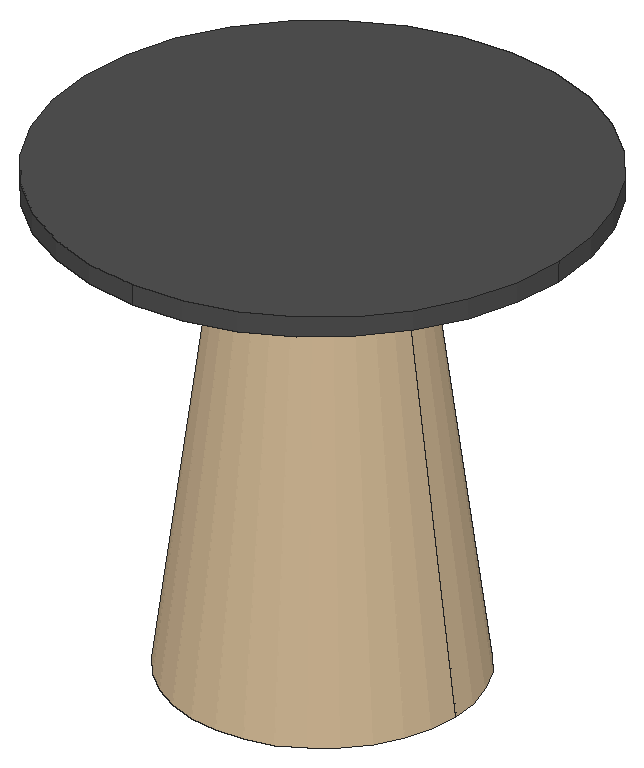
Revit family "FU_Table_Sandler_Cono 4001 with Tops", category Furniture, Revit 2020
Family settings
  OmniClass Number = 23.40.20.00
  OmniClass Title = General Furniture and Specialties
  Work Plane-Based = No
  Always vertical = Yes
  Cut with Voids When Loaded = No
  Shared = No
  Room Calculation Point = No
Parameters (values of type "Cono 4001 - 31.5" Top")
  URL = "https://www.sandlerseating.com/product/cono-4001/"
  Top Finish = Metal - Lacqurer - Smooth Black
  Top = Cono 4001 Tops : Cono Table Top - 31.5" - 800mm
  Model = "Cono 4001"
  Manufacturer = "Sandler"
  Description = "Contemporary metal dining table. Max Table Top – 31.5″"
  Default Elevation = 0 mm
  Base Finish = Metal - Lacquer - Pearl Gold
Types (6, lengths in mm): name | Top Finish | Top
  (no name) | Metal - Lacqurer - Smooth Black | Cono 4001 Tops : Cono Table Top - 31.5" - 800mm
  Cono 4001 - 20" Top | Metal - Lacqurer - Smooth Black | Cono 4001 Tops : Cono Table Top - 20" - 500mm
  Cono 4001 - 24" Top | Metal - Lacquer - Pearl Gold | Cono 4001 Tops : Cono Table Top - 24" - 600mm
  Cono 4001 - 28" Top | Metal - Lacqurer - Smooth Black | Cono 4001 Tops : Cono Table Top - 28" - 700mm
  Cono 4001 - 30" Top | Metal - Lacquer - Pearl Gold | Cono 4001 Tops : Cono Table Top - 30" - 750mm
  Cono 4001 - 31.5" Top | Metal - Lacqurer - Smooth Black | Cono 4001 Tops : Cono Table Top - 31.5" - 800mm
Reference planes
  plane 1 "Center (Front/Back)": y = 0
  plane 2: z = 0
  plane 3 "Center (Left/Right)": x = 0
Dimensions and locks
  aligned and locked: level to plane 2
Nested families
  nested 1: "FU_Table Base_Sandler_Cono 4001" at (0, 0, 0), Base Finish <- "Base Finish", type "FU_Table Base_Sandler_Cono 4001"
  nested 2: "Cono 4001 Tops" at (0, 0, 0), type <- "Top", Top Finish <- "Top Finish", type "Cono Table Top - 31.5" - 800mm"
    with Top Finish Metal - Lacqurer - Smooth Black
Definition of nested family "FU_Table Base_Sandler_Cono 4001"
  Parameters (values of type "FU_Table Base_Sandler_Cono 4001")
    Width = 450 mm
    URL = "https://www.sandlerseating.com/product/cono-4001/"
    Model = "Cono 4001"
    Manufacturer = "Sandler"
    Height = 750 mm
    Description = "Contemporary metal dining table base.\r\n\r\nMax Table Top – 31.5″"
    Depth = 450 mm
    Default Elevation = 0 mm
    Base Finish [instance] = none
  Reference planes
    plane 1 "Center (Front/Back)": y = 0
    plane 2: z = 0
    plane 3 "Center (Left/Right)": x = 0
    plane 4 "Right": x = -225
    plane 5 "Left": x = 225
    plane 6 "Back": y = 225
    plane 7 "Front": y = -225
    plane 8 "Height": z = 750
    plane 9 "Base height": z = 720
  Forms (mm)
    Blend 1, solid, material <- "Base Finish"
      base sketch origin (0, 0, 0) x (1, 0, 0) y (0, 1, 0)
        loop
          circle (0, 0) r 225
      top sketch origin (0, 0, 0) x (1, 0, 0) y (0, 1, 0)
        loop
          circle (0, 0) r 130
      from 0 to 720
  Dimensions and locks
    equal spacing: plane 4 "Right", plane 3 "Center (Left/Right)", plane 5 "Left"
    "Width": plane 4 "Right" to plane 5 "Left"
    equal spacing: plane 6 "Back", plane 1 "Center (Front/Back)", plane 7 "Front"
    "Depth": plane 6 "Back" to plane 7 "Front"
    "Height": plane 8 "Height" to level
    plane 8 "Height" to plane 9 "Base height" = 30 mm
    aligned and locked: level to plane 2
    aligned and locked: plane 9 "Base height" to Blend 1
    aligned and locked: Blend 1 to level
  Automatic sketch dimensions
    plane 1 "Center (Front/Back)" to Blend 1 sketch curve = 0 mm  (x2)
    Blend 1 sketch curve to plane 3 "Center (Left/Right)" = 0 mm  (x2)
    radius of Blend 1 sketch curve = 225 mm
    radius of Blend 1 sketch curve = 130 mm
Definition of nested family "Cono 4001 Tops"
  Parameters (values of type "Cono Table Top - 31.5" - 800mm")
    Width = 800 mm
    Top Finish [instance] = none
    Height = 750 mm
    Depth = Width  # 800 mm
    Default Elevation = 0 mm
  Types (6, lengths in mm): name | Width | Depth
    (no name) | 800 | 800
    Cono Table Top - 20" - 500mm | 500 | 500
    Cono Table Top - 24" - 600mm | 600 | 600
    Cono Table Top - 28" - 700mm | 700 | 700
    Cono Table Top - 30" - 750mm | 750 | 750
    Cono Table Top - 31.5" - 800mm | 800 | 800
  Reference planes
    plane 1 "Center (Front/Back)": y = 0
    plane 2: z = 0
    plane 3 "Center (Left/Right)": x = 0
    plane 4 "Right": x = -400
    plane 5 "Left": x = 400
    plane 6 "Back": y = 400
    plane 7 "Front": y = -400
    plane 8 "Height": z = 750
    plane 9 "Table Bottom": z = 720
  Forms (mm)
    Extrusion 1, solid, material <- "Top Finish"
      sketch origin (0, 0, 720) x (-1, 0, 0) y (0, -1, 0)
        loop
          arc (0, -400.362) -> (283.061, -283.126) -> (400.139, 0) r 400
          arc (400.139, 0) -> (282.804, 282.657) -> (0, 399.637) r 400
          arc (0, 399.637) -> (-282.639, 282.544) -> (-399.86, -0.041) r 400
          arc (-399.86, -0.041) -> (-282.866, -283.042) -> (0, -400.362) r 400
      from 0 to 30
  Dimensions and locks
    equal spacing: plane 4 "Right", plane 3 "Center (Left/Right)", plane 5 "Left"
    "Width": plane 4 "Right" to plane 5 "Left"
    equal spacing: plane 6 "Back", plane 1 "Center (Front/Back)", plane 7 "Front"
    "Depth": plane 6 "Back" to plane 7 "Front"
    "Height": plane 8 "Height" to level
    plane 8 "Height" to plane 9 "Table Bottom" = 30 mm
    aligned and locked: level to plane 2
    aligned and locked: plane 3 "Center (Left/Right)" to Extrusion 1 sketch curve  (x2)
    aligned and locked: plane 1 "Center (Front/Back)" to Extrusion 1 sketch curve
    aligned and locked: plane 8 "Height" to Extrusion 1
    aligned and locked: Extrusion 1 to plane 9 "Table Bottom"
  Automatic sketch dimensions
    Extrusion 1 sketch curve to plane 3 "Center (Left/Right)" = 0.139 mm
    Extrusion 1 sketch curve to Extrusion 1 sketch curve = 0 mm  (x5)
    plane 6 "Back" to Extrusion 1 sketch curve = 0.362 mm
    plane 5 "Left" to Extrusion 1 sketch curve = 0.14 mm
    plane 4 "Right" to Extrusion 1 sketch curve = 0.139 mm
